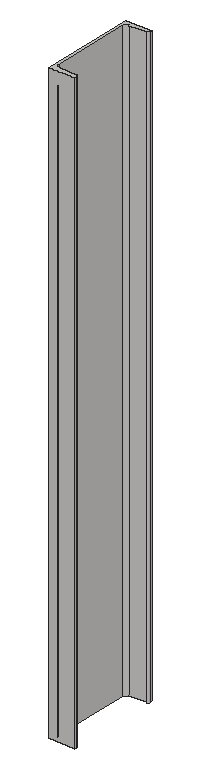
Revit family "NLRS_28_SC_UNP", category Structural Columns, Revit 2020
Family settings
  Section Shape = C-channel Sloped Flange
  Material for Model Behavior = Steel
  Always export as geometry = No
  Beam cutback in plan = From bounding box
  Code Name = DIN1026-1:2009; NF A 45-202
  Cut with Voids When Loaded = No
  Symbolic Representation = From Project Settings
  Shared = No
  Show family pre-cut in plan views = Yes
Parameters (values of type "UNP400")
  Width = 110 mm
  Web Thickness = 14 mm
  Web Fillet = 18 mm
  Warping Constant = (empty or 0)
  Torsional Moment of Inertia = 0 cm⁴
  Structural Material [instance] = h3_Structural Steel - S235
  Sloped Flange Angle = 2.86°
  Section Name Key = "UPN 400"
  Section Area = 91.5 cm²
  Plastic Modulus weak axis = 0 cm³
  Plastic Modulus strong axis = 0 cm³
  Perimeter = 3.8714 (stored number, unit not read)
  Nominal Weight = 704.11 N/m
  Moment of Inertia weak axis = 846 cm⁴
  Moment of Inertia strong axis = 20350 cm⁴
  Height = 400 mm
  Flange Thickness Location = 48 mm
  Flange Thickness = 18 mm
  Flange Fillet = 9 mm
  Elastic Modulus weak axis = 102 cm³
  Elastic Modulus strong axis = 1020 cm³
  Centroid Vertical = Height / 2  # 200 mm
  Centroid Horizontal = 26.5 mm
  Bolt Spacing = 67 mm
  Assembly Code = "2B(28.10)"
Types (16, lengths in mm): name | Width | Web Thickness | Web Fillet | Sloped Flange Angle | Section Name Key | Section Area | Perimeter | Nominal Weight | Moment of Inertia weak axis | Moment of Inertia strong axis | Height | Flange Thickness Location | Flange Thickness | Flange Fillet | Elastic Modulus weak axis | Elastic Modulus strong axis | Centroid Vertical | Centroid Horizontal | Bolt Spacing
  UNP400 | 110 | 14 | 18 | 2.86° | "UPN 400" | 91.5 cm² | 3.8714 (stored number, unit not read) | 704.11 N/m | 846 cm⁴ | 20350 cm⁴ | 400 | 48 | 18 | 9 | 102 cm³ | 1020 cm³ | 200 | 26.5 | 67
  UNP380 | 102 | 13.5 | 16 | 2.86° | "UPN 380" | 80.4 cm² | 3.6417 (stored number, unit not read) | 618.8 N/m | 615 cm⁴ | 15760 cm⁴ | 380 | 44.25 | 16 | 8 | 78.7 cm³ | 829 cm³ | 190 | 23.8 | 65
  UNP350 | 100 | 14 | 16 | 2.86° | "UPN 350" | 77.3 cm² | 3.4449 (stored number, unit not read) | 594.28 N/m | 570 cm⁴ | 12840 cm⁴ | 350 | 43 | 16 | 8 | 75 cm³ | 734 cm³ | 175 | 24 | 65
  UNP320 | 100 | 14 | 17.5 | 2.86° | "UPN 320" | 75.8 cm² | 3.2218 (stored number, unit not read) | 583.49 N/m | 597 cm⁴ | 10870 cm⁴ | 320 | 43 | 17.5 | 8.75 | 80.6 cm³ | 679 cm³ | 160 | 26 | 63
  UNP300 | 100 | 10 | 16 | 4.57° | "UPN 300" | 58.8 cm² | 3.1168 (stored number, unit not read) | 453.07 N/m | 495 cm⁴ | 8030 cm⁴ | 300 | 50 | 16 | 8 | 67.8 cm³ | 535 cm³ | 150 | 27 | 61
  UNP280 | 95 | 10 | 15 | 4.57° | "UPN 280" | 53.3 cm² | 2.9199 (stored number, unit not read) | 409.92 N/m | 399 cm⁴ | 6280 cm⁴ | 280 | 47.5 | 15 | 7.5 | 57.2 cm³ | 448 cm³ | 140 | 25.3 | 60
  UNP260 | 90 | 10 | 14 | 4.57° | "UPN 260" | 48.3 cm² | 2.7362 (stored number, unit not read) | 371.67 N/m | 317 cm⁴ | 4820 cm⁴ | 260 | 45 | 14 | 7 | 47.7 cm³ | 371 cm³ | 130 | 23.6 | 56
  UNP240 | 85 | 9.5 | 13 | 4.57° | "UPN 240" | 42.3 cm² | 2.5427 (stored number, unit not read) | 325.58 N/m | 248 cm⁴ | 3600 cm⁴ | 240 | 42.5 | 13 | 6.5 | 39.6 cm³ | 300 cm³ | 120 | 22.3 | 54
  UNP220 | 80 | 9 | 12.5 | 4.57° | "UPN 220" | 37.4 cm² | 2.3556 (stored number, unit not read) | 288.31 N/m | 197 cm⁴ | 2690 cm⁴ | 220 | 40 | 12.5 | 6.5 | 33.6 cm³ | 245 cm³ | 110 | 21.4 | 47
  UNP200 | 75 | 8.5 | 11.5 | 4.57° | "UPN 200" | 32.2 cm² | 2.1686 (stored number, unit not read) | 248.11 N/m | 148 cm⁴ | 1910 cm⁴ | 200 | 37.5 | 11.5 | 6 | 27 cm³ | 191 cm³ | 100 | 20.1 | 46
  UNP180 | 70 | 8 | 11 | 4.57° | "UPN 180" | 28.0 cm² | 2.0046 (stored number, unit not read) | 215.75 N/m | 114 cm⁴ | 1350 cm⁴ | 180 | 35 | 11 | 5.5 | 22.4 cm³ | 150 cm³ | 90 | 19.2 | 45
  UNP160 | 65 | 7.5 | 10.5 | 4.57° | "UPN 160" | 24.0 cm² | 1.7913 (stored number, unit not read) | 184.36 N/m | 85.3 cm⁴ | 925 cm⁴ | 160 | 32.5 | 10.5 | 5.5 | 18.3 cm³ | 116 cm³ | 80 | 18.4 | 43
  UNP140 | 60 | 7 | 10 | 4.57° | "UPN 140" | 20.4 cm² | 1.6043 (stored number, unit not read) | 156.91 N/m | 62.7 cm⁴ | 605 cm⁴ | 140 | 30 | 10 | 5 | 14.8 cm³ | 86.4 cm³ | 70 | 17.5 | 37
  UNP120 | 55 | 7 | 9 | 4.57° | "UPN120" | 17.0 cm² | 1.4239 (stored number, unit not read) | 131.41 N/m | 43.2 cm⁴ | 364 cm⁴ | 120 | 27.5 | 9 | 4.5 | 11.1 cm³ | 60.7 cm³ | 60 | 16 | 37
  UNP100 | 50 | 6 | 8.5 | 4.57° | "UPN100" | 13.5 cm² | 1.2205 (stored number, unit not read) | 103.95 N/m | 29.3 cm⁴ | 206 cm⁴ | 100 | 25 | 8.5 | 4.5 | 8.49 cm³ | 41.2 cm³ | 50 | 15.5 | 36
  UNP80 | 45 | 6 | 8 | 4.57° | "UPN80" | 11.0 cm² | 1.0236 (stored number, unit not read) | 84.729 N/m | 19.4 cm⁴ | 106 cm⁴ | 80 | 22.5 | 8 | 4 | 6.36 cm³ | 26.5 cm³ | 40 | 14.5 | 0
Reference planes
  plane 1: y = 0
  plane 2: z = 0
  plane 3: x = 0
  plane 4: y = 200
  plane 5: y = -200
  plane 6: y = 182
  plane 7: y = -182
  plane 8: x = -26.5
  plane 9: x = 83.5
  plane 10: x = -12.5
Forms (mm)
  Sweep 1, solid, material "h3_Structural Steel - S235" <- "Structural Material", detail levels fine
    path origin (0, 0, 0) x (1, 0, 0) y (0, 0, 1)
      loop
        line (0, 0) -> (0, 2500)
    profile "C-Shape-Profile-Fine : C-Shape-Profile-Fine" origin (0, 0, 1250) x (-1, 0, 0) y (0, -1, 0)
      loop
        line (-83.5, -200) -> (26.5, -200) -> (26.5, 200) -> (-83.5, 200) -> (-83.5, 192.96)
        arc (-83.5, 192.96) -> (-81.021, 186.756) -> (-74.949, 183.971) r 9
        line (-74.949, 183.971) -> (-35.5, 182) -> (-4.602, 180.456)
        arc (-4.602, 180.456) -> (7.542, 174.885) -> (12.5, 162.479) r 18
        line (12.5, 162.479) -> (12.5, -162.479)
        arc (12.5, -162.479) -> (7.542, -174.885) -> (-4.602, -180.456) r 18
        line (-4.602, -180.456) -> (-35.5, -182) -> (-74.949, -183.971)
        arc (-74.949, -183.971) -> (-81.021, -186.756) -> (-83.5, -192.96) r 9
        line (-83.5, -192.96) -> (-83.5, -200)
  Sweep 2, solid, material "h3_Structural Steel - S235" <- "Structural Material", detail levels medium
    path origin (0, 0, 0) x (1, 0, 0) y (0, 0, 1)
      loop
        line (0, 0) -> (0, 2500)
    profile "C-Shape-Profile-Medium : C-Shape-Profile-Medium" origin (0, 0, 1250) x (-1, 0, 0) y (0, -1, 0)
      loop
        line (-83.5, 200) -> (-83.5, 184.398) -> (-35.5, 182) -> (12.5, 179.602) -> (12.5, -179.602) -> (-35.5, -182) -> (-83.5, -184.398) -> (-83.5, -200) -> (26.5, -200) -> (26.5, 200) -> (-83.5, 200)
Lines and regions (mm)
  symbolic lines, style "StructuralColumnStickSymbols", detail levels coarse
    curve 1: line (83.5, 200, 0) -> (-26.5, 200, 0)
    curve 2: line (-26.5, 200, 0) -> (-26.5, -200, 0)
    curve 3: line (-26.5, -200, 0) -> (83.5, -200, 0)
  symbolic lines, style "Hidden Faces", detail levels medium+fine
    curve 4: line (-4.1, -187.625, 2500) -> (-4.1, -187.625, 0)
    curve 5: line (-4.1, -176.375, 0) -> (-4.1, -176.375, 2500)
    curve 6: line (-4.1, 176.375, 0) -> (-4.1, 176.375, 2500)
    curve 7: line (-4.1, 187.625, 0) -> (-4.1, 187.625, 2500)
    curve 8: line (-12.5, 0, 0) -> (-12.5, 0, 2500)
Dimensions and locks
  equal spacing: plane 5, plane 1, plane 4
  "Height": plane 5 to plane 4
  "Flange Thickness": plane 6 to plane 4
  "Flange Thickness": plane 5 to plane 7
  "Web Thickness": plane 8 to plane 10
  "Centroid Horizontal": plane 8 to plane 3
  "Width": plane 8 to plane 9
  aligned and locked: level to plane 2
  aligned and locked: plane 9 to curve 3
  aligned and locked: plane 9 to curve 1
  aligned and locked: level to curve 8  (x2)
  aligned and locked: level to Sweep 1 sketch curve  (x2)
  aligned and locked: plane 3 to Sweep 1 sketch curve
  aligned and locked: level to Sweep 2 sketch curve  (x2)
  aligned and locked: plane 3 to Sweep 2 sketch curve
  aligned and locked: curve 1 to plane 4
  aligned and locked: curve 2 to plane 8
  aligned and locked: plane 5 to curve 3
Automatic sketch dimensions
  curve 8 to plane 10 = 0 mm
  curve 4 to level = 0 mm  (x2)
  curve 5 to level = 0 mm  (x2)
  curve 6 to level = 0 mm  (x2)
  curve 7 to level = 0 mm  (x2)
  plane 7 to curve 4 = 5.625 mm
  curve 5 to plane 7 = 5.625 mm
  plane 6 to curve 6 = 5.625 mm
  curve 7 to plane 6 = 5.625 mm
